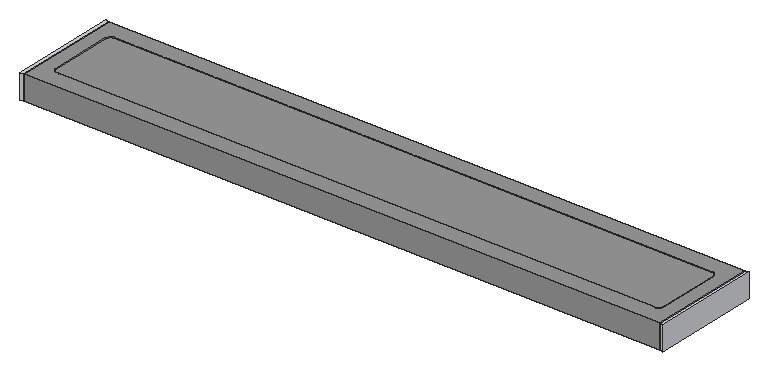
Revit family "2021678 Sylvania Lighting Fixture OPTIX S 1200 ASYMMETRIC 3K SSC WHITE", category Lighting Fixtures, host Face, Revit 2018
Family settings
  Host = Face
  Round Connector Dimension = Use Diameter
  Part Type = Normal
  OmniClass Number = 23.80.70.00
  OmniClass Title = Lighting
  Cut with Voids When Loaded = No
  Light Source = Yes
  Shared = No
  Room Calculation Point = No
Parameters (values of type "2021678 OPTIX S 1200 ASYM 3K SSC WHT")
  spacer height = 5 mm
  spacer centres = 1000 mm
  lens width = 1135 mm
  full length = 1200 mm
  Width = 200 mm
  Weight = "n/a"
  Wattage Comments = ""
  Wattage = 9.2903 W
  WarrantyStartDate [instance] = "n/a"
  WarrantyGuarantorParts = "n/a"
  WarrantyDurationUnit = "n/a"
  WarrantyDurationParts = ""
  WarrantyDescription = "http://www.sylvania-lighting.com"
  built-in parameter 1150110 = 1 (stored number, unit not read)
  Voltage = 0 V
  URL = "0.98"
  TypeName = "OPTIX S 1200 ASYMMETRIC 3K SSC WHITE"
  Type Image = <None>
  Type Comments = "n/a"
  built-in parameter 1114217 = 1 (stored number, unit not read)
  Tilt Angle = 90.00°
  built-in parameter 1150109 = 1 (stored number, unit not read)
  built-in parameter 1150134 = 3
  built-in parameter 1150113 = 1 (stored number, unit not read)
  SerialNumber [instance] = "n/a"
  Photometric Web File = "2021678.ies"
  Material_3_FEILO = none
  PowerFactor = 0
  PowerConsumption = "Lighting"
  NominalLength = 200 mm
  NominalHeight = 0 mm
  NominalDepth = 0 mm
  Name = "OPTIX S 1200 ASYMMETRIC 3K SSC WHITE"
  ModelReference = Name  # "OPTIX S 1200 ASYMMETRIC 3K SSC WHITE"
  ModelNumber = "2021678"
  Model = Name  # "OPTIX S 1200 ASYMMETRIC 3K SSC WHITE"
  Material = "Feilo Sylvania"
  ManufacturerName = "109 lm/W"
  Manufacturer = ""
  LuminousEfficacy = ""
  built-in parameter 1150105 = 109.82 (stored number, unit not read)
  Lumens = 1380 lm
  LuminaireType = "0"
  built-in parameter 1150115 = 1 (stored number, unit not read)
  LightOutputRatio = "LED"
  built-in parameter 1150137 = (empty or 0)
  built-in parameter 1150139 = (empty or 0)
  Lens Width = 135 mm
  Length = 1188 mm
  LampsType = Lamp  # "n/a"
  LampNominalLuminous = "3000 K"
  LampMacAdamStep = "80"
  LampColourTemperature = "LED"
  LampColourRenderingIndex = "16500"
  built-in parameter 1150112 = 1 (stored number, unit not read)
  built-in parameter 1150114 = 1 (stored number, unit not read)
  Lamp = "n/a"
  Keynote = "n/a"
  InstallationDate [instance] = "n/a"
  InputVoltage = "0"
  InputNominalFrequency = "3000"
  built-in parameter 1150132 = (empty or 0)
  built-in parameter 1150102 = (empty or 0)
  built-in parameter 1150107 = 3200 (stored number, unit not read)
  built-in parameter 1150138 = (empty or 0)
  IngressProtection = "IfcLightFixtureType"
  ImpactProtectionIndex = "IfcLightFixtureType"
  built-in parameter 1150106 = 1.0982 (stored number, unit not read)
  IfcExportType = "IfcLightFixtureType"
  IfcExportAs = "Class I"
  Height = 50 mm
  ExpectedLife = 50000
  Emit from Circle Diameter = 609.6 mm
  Emit Shape Visible in Rendering = no
  ElectricShockClassification = "109"
  built-in parameter 1150104 = 13.8 (stored number, unit not read)
  DurationUnit = "hours"
  DocumentationLiterature = "http://www.sylvania-lighting.com/product/en-int/products/2021678"
  DimmingControlOptions = "n/a"
  Material_2_FEILO = none
  Dimming Lamp Color Temperature Shift = <None>
  Description = "Surface or Suspended LED Linear luminaire with Asymmetric Aluminium Reflector, Asymmetric Light Distribution, Luminaire Dimensions: 1200x200x50mm, Sylvania White body colour, IP20, IK07, SylSmart Standalone Office controlled, Low LED flicker (+/-5%), Warm White (3000K) LED Colour Temperature, 3380lm, 31W, 109lm/W efficacy, CRI>80, 3 SDCM (3-step MacAdam ellipse) LED Colour Consistency, Lumen Maintenance: L90B50 at 60,000 hours."
  Default Elevation = 1219.2 mm
  CreatedOn = "24/03/2021"
  CreatedBy = "@sylvania-lighting.com"
  Cost = 0
  Color Filter = 16777215
  built-in parameter 1114216 [instance] = (empty or 0)
  ClassificationValue = "EF_70_80"
  ClassificationName = "Uniclass2015"
  Material_1_FEILO = none
  BarCode [instance] = "n/a"
  built-in parameter 1114218 = 1 (stored number, unit not read)
  built-in parameter 1150133 = 10 (stored number, unit not read)
  AssetType = "Fixed"
  AssetIdentifier [instance] = "n/a"
  Assembly Code = "D5020200"
  Apparent Load = 31 VA
  Material_4_FEILO = none
Reference planes
  plane 1 "Center (Front/Back)": y = 0
  plane 2: z = 0
  plane 3 "Center (Left/Right)": x = 0
  plane 4: z = 0
  plane 5: z = 50
  plane 6: y = 100
  plane 7: y = -100
  plane 8: x = -594
  plane 9: x = 594
  plane 10: z = 5
  plane 11: x = -500
  plane 12: x = 500
  plane 13: y = 10
  plane 14: y = -10
  plane 15: x = 487.5
  plane 16: x = 512.5
  plane 17: x = -512.5
  plane 18: x = -487.5
  plane 19: x = -567.5
  plane 20: x = 567.5
  plane 21: y = 67.5
  plane 22: y = -67.5
  plane 23: x = -557.5
  plane 24: y = 57.5
  plane 25: y = -57.5
  plane 26: x = 557.5
  plane 27: x = -600
  plane 28: x = 600
Forms (mm)
  Extrusion 1, solid, material "Aluminum 1100-H18", detail levels medium+fine
    sketch origin (4.2, 0, 0) x (1, 0, 0) y (0, 1, 0)
      loop
        line (-598.2, 100) -> (-598.2, -100) -> (589.8, -100) -> (589.8, 100) -> (-598.2, 100)
    from 5 to 50
  Extrusion 2, solid
    sketch origin (4.2, 0, 0) x (1, 0, 0) y (0, 1, 0)
      loop
        line (483.3, 10) -> (483.3, -10) -> (508.3, -10) -> (508.3, 10) -> (483.3, 10)
    from 0 to 5
  Extrusion 3, solid
    sketch origin (4.2, 0, 0) x (1, 0, 0) y (0, 1, 0)
      loop
        line (-516.7, 10) -> (-516.7, -10) -> (-491.7, -10) -> (-491.7, 10) -> (-516.7, 10)
    from 0 to 5
  Extrusion 4, void, detail levels fine
    sketch origin (4.2, 0, 0) x (0, 1, 0) y (1, 0, 0)
      loop
        line (67.5, -561.7) -> (67.5, 553.3)
        arc (67.5, 553.3) -> (64.571, 560.371) -> (57.5, 563.3) r 10
        line (57.5, 563.3) -> (-57.5, 563.3)
        arc (-57.5, 563.3) -> (-64.571, 560.371) -> (-67.5, 553.3) r 10
        line (-67.5, 553.3) -> (-67.5, -561.7)
        arc (-67.5, -561.7) -> (-64.571, -568.771) -> (-57.5, -571.7) r 10
        line (-57.5, -571.7) -> (57.5, -571.7)
        arc (57.5, -571.7) -> (64.571, -568.771) -> (67.5, -561.7) r 10
    from -50 to -48
  Extrusion 5, solid, detail levels medium+fine
    sketch origin (4.2, 0, 0) x (1, 0, 0) y (0, 1, 0)
      loop
        line (-604.2, 100) -> (-604.2, -100) -> (-598.2, -100) -> (-598.2, 100) -> (-604.2, 100)
    from 5 to 50
  Extrusion 6, solid, detail levels medium+fine
    sketch origin (4.2, 0, 0) x (1, 0, 0) y (0, 1, 0)
      loop
        line (589.8, 100) -> (589.8, -100) -> (595.8, -100) -> (595.8, 100) -> (589.8, 100)
    from 5 to 50
  Extrusion 7, solid, material "Glass, White, High Luminance", detail levels fine
    sketch origin (4.2, 0, 0) x (1, 0, 0) y (0, 1, 0)
      loop
        arc (-561.7, 67.5) -> (-568.771, 64.571) -> (-571.7, 57.5) r 10
        line (-571.7, 57.5) -> (-571.7, -57.5)
        arc (-571.7, -57.5) -> (-568.771, -64.571) -> (-561.7, -67.5) r 10
        line (-561.7, -67.5) -> (553.3, -67.5)
        arc (553.3, -67.5) -> (560.371, -64.571) -> (563.3, -57.5) r 10
        line (563.3, -57.5) -> (563.3, 57.5)
        arc (563.3, 57.5) -> (560.371, 64.571) -> (553.3, 67.5) r 10
        line (553.3, 67.5) -> (-561.7, 67.5)
    from 48 to 49.5
  Extrusion 8, solid, detail levels coarse
    sketch origin (4.2, 0, 0) x (1, 0, 0) y (0, 1, 0)
      loop
        line (-604.2, 100) -> (-604.2, -100) -> (595.8, -100) -> (595.8, 100) -> (-604.2, 100)
    from 0 to 50
Cuts and joins
  Extrusion 4 cuts Extrusion 2
  Extrusion 4 cuts Extrusion 3
  Extrusion 4 cuts Extrusion 1
Dimensions and locks
  "Width": plane 6 to plane 7
  equal spacing: plane 6, plane 1 "Center (Front/Back)", plane 7
  "Length": plane 8 to plane 9
  equal spacing: plane 8, plane 3 "Center (Left/Right)", plane 9
  "spacer height": plane 10 to host face
  "Height": plane 5 to level
  "spacer centres": plane 11 to plane 12
  equal spacing: plane 11, plane 3 "Center (Left/Right)", plane 12
  "lens width": plane 19 to plane 20
  equal spacing: plane 19, plane 3 "Center (Left/Right)", plane 20
  "Lens Width": plane 21 to plane 22
  equal spacing: plane 21, plane 1 "Center (Front/Back)", plane 22
  "full length": plane 27 to plane 28
  equal spacing: plane 27, plane 3 "Center (Left/Right)", plane 28
  aligned and locked: plane 2 to host face
  aligned and locked: level to host face
Automatic sketch dimensions
  host sketch curve to host sketch curve = 2438.4 mm  (x2)
  Extrusion 1 sketch curve to plane 7 = 0 mm
  Extrusion 1 sketch curve to plane 8 = 0 mm
  Extrusion 1 sketch curve to plane 9 = 0 mm
  Extrusion 1 sketch curve to plane 6 = 0 mm
  Extrusion 2 sketch curve to plane 14 = 0 mm
  Extrusion 2 sketch curve to plane 15 = 0 mm
  Extrusion 2 sketch curve to plane 16 = 0 mm
  Extrusion 2 sketch curve to plane 13 = 0 mm
  Extrusion 3 sketch curve to plane 14 = 0 mm
  Extrusion 3 sketch curve to plane 17 = 0 mm
  Extrusion 3 sketch curve to plane 18 = 0 mm
  Extrusion 3 sketch curve to plane 13 = 0 mm
  Extrusion 4 sketch curve to plane 22 = 0 mm
  Extrusion 4 sketch curve to plane 19 = 0 mm
  Extrusion 4 sketch curve to plane 25 = 0 mm  (x2)
  Extrusion 4 sketch curve to plane 20 = 0 mm
  Extrusion 4 sketch curve to plane 24 = 0 mm  (x2)
  Extrusion 4 sketch curve to plane 23 = 0 mm
  Extrusion 5 sketch curve to plane 7 = 0 mm
  Extrusion 5 sketch curve to plane 27 = 0 mm
  Extrusion 5 sketch curve to plane 8 = 0 mm
  Extrusion 5 sketch curve to plane 6 = 0 mm
  Extrusion 6 sketch curve to plane 7 = 0 mm
  Extrusion 6 sketch curve to plane 9 = 0 mm
  Extrusion 6 sketch curve to plane 28 = 0 mm
  Extrusion 6 sketch curve to plane 6 = 0 mm
  Extrusion 7 sketch curve to plane 23 = 0 mm  (x2)
  Extrusion 7 sketch curve to plane 21 = 0 mm
  Extrusion 7 sketch curve to plane 22 = 0 mm
  Extrusion 7 sketch curve to plane 26 = 0 mm  (x2)
  Extrusion 7 sketch curve to plane 20 = 0 mm
  Extrusion 7 sketch curve to plane 24 = 0 mm
  Extrusion 8 sketch curve to plane 7 = 0 mm
  Extrusion 8 sketch curve to plane 27 = 0 mm
  Extrusion 8 sketch curve to plane 28 = 0 mm
  Extrusion 8 sketch curve to plane 6 = 0 mm
Connectors
  electrical at (0, 0, 0), driven by "Apparent Load", driven by "PowerFactor", driven by "Voltage"
    settings: index 1, voltage 0 V, apparent load 31 VA, apparent load phase1 0 VA, apparent load phase2 0 VA, apparent load phase3 0 VA, power factor 0, load classification "Lighting", number of poles 1, system type 30, power factor state 1, is connector primary yes, connector utility no, sub classification motor no, connector description ""
